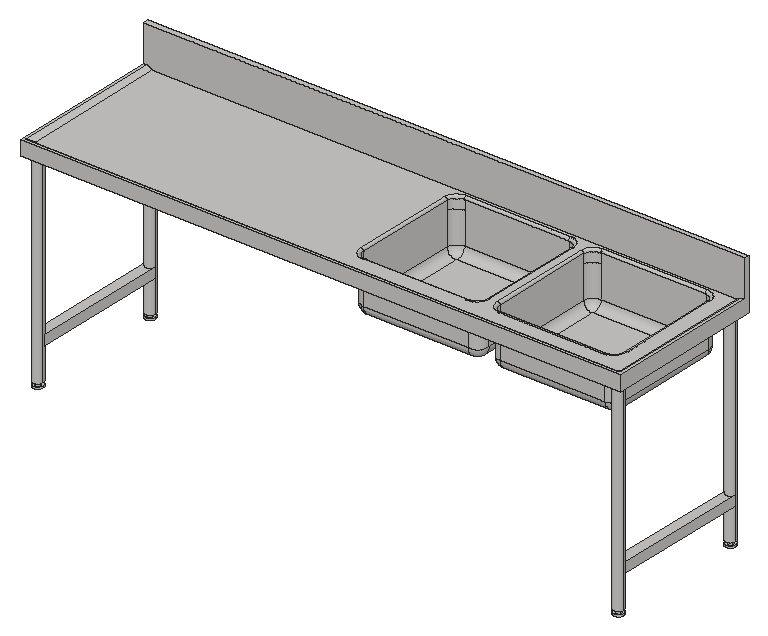
Revit family
Parameters (values of type "2440 X 650 Bowl Right End")
  Material = Stainless Steel Grade 304
  Depth of Bowl = 230 mm
  Width of Bowl = 505 mm
  Length of Bowl = 505 mm
  Distance of Bowl = 100 mm
  Waste Connection Radius = Waste Connection Diameter / 2  # 20 mm
  Waste Connection Diameter = 40 mm
  WFU = 0
  URL = "http://www.autospec.co.za/browse.php?id=1644179283"
  Product Code = "None"
  OmniClass Title = ""
  OmniClass Number = ""
  Modspec Classification = ""
  Specification = ""
  Location (revit room) = ""
  Bowl Position [instance] = if(Bowl Position End, Distance of Bowl, if(Bowl Position Center, (Length / 2 - Length of Bowl - 25 mm), Distance of Bowl))  # 100 mm
  Description = ""
  Colour = none
  Bowl Position End = yes
  Bowl Position Center = not(Bowl Position End)  # no
  Body Finish = none
  Splashback Height = 150 mm
  Width = 650 mm
  Model = "Catering Sink Double Bowl Right End Series KS2-2440 X 650"
  Manufacturer = "Kwikot"  # constant formula
  Length = 2440 mm
  Height = 1050 mm
  Assembly Code = "E1090300"
Reference planes
  plane 1 "Center (Front/Back)": y = 0
  plane 2 "Bottom": z = 0
  plane 3 "Center (Left/Right)": x = 0
  plane 4 "Left": x = -1220
  plane 5 "Right": x = 1220
  plane 6 "Front": y = -650
  plane 7 "Top": z = 1050
  plane 8: z = 900
  plane 9: z = 840
  plane 10: z = 670
  plane 11: y = -295
  plane 12: x = 867.5
  plane 13: x = 312.5
  plane 14: x = 1120
  plane 15: x = 565
  plane 16: x = 60
  plane 17: x = 615
  plane 18: y = -42.5
  plane 19: y = -547.5
Forms (mm)
  Extrusion 1, solid, material "Stainless Steel Grade 304" <- "Material"
    sketch origin (-1220, -491, 4000) x (0, -1, 0) y (0, 0, 1)
      loop
        line (-491, -3160) -> (159, -3160) -> (159, -3100) -> (-471, -3100) -> (-471, -2950) -> (-491, -2950) -> (-491, -3160)
    from 0 to -2440
  Blend 2, void
    base sketch origin (-779.234, -1524, 900) x (0, -1, 0) y (1, 0, 0)
      loop
        arc (-891, -428.766) -> (-887.464, -427.302) -> (-886, -423.766) r 5
        line (-886, -423.766) -> (-886, 1982.234)
        arc (-886, 1982.234) -> (-887.464, 1985.769) -> (-891, 1987.234) r 5
        line (-891, 1987.234) -> (-1504, 1987.234) -> (-1504, -428.766) -> (-891, -428.766)
    top sketch origin (-779.234, -1524, 900) x (0, -1, 0) y (1, 0, 0)
      loop
        line (-1504, -408.766) -> (-911, -408.766)
        arc (-911, -408.766) -> (-907.464, -407.302) -> (-906, -403.766) r 5
        line (-906, -403.766) -> (-906, 1962.234)
        arc (-906, 1962.234) -> (-907.464, 1965.769) -> (-911, 1967.234) r 5
        line (-911, 1967.234) -> (-1504, 1967.234) -> (-1504, -408.766)
    from 0 to -12
  Extrusion 3, void
    sketch origin (-779.234, -1524, 840) x (0, -1, 0) y (-1, 0, 0)
      loop
        line (-1481.5, -1434.234) -> (-1481.5, -1859.234)
        arc (-1481.5, -1859.234) -> (-1469.784, -1887.518) -> (-1441.5, -1899.234) r 40
        line (-1441.5, -1899.234) -> (-1016.5, -1899.234)
        arc (-1016.5, -1899.234) -> (-988.216, -1887.518) -> (-976.5, -1859.234) r 40
        line (-976.5, -1859.234) -> (-976.5, -1434.234)
        arc (-976.5, -1434.234) -> (-988.216, -1405.949) -> (-1016.5, -1394.234) r 40
        line (-1016.5, -1394.234) -> (-1441.5, -1394.234)
        arc (-1441.5, -1394.234) -> (-1469.784, -1405.949) -> (-1481.5, -1434.234) r 40
      loop
        arc (-1481.5, -1304.234) -> (-1469.784, -1332.518) -> (-1441.5, -1344.234) r 40
        line (-1441.5, -1344.234) -> (-1016.5, -1344.234)
        arc (-1016.5, -1344.234) -> (-988.216, -1332.518) -> (-976.5, -1304.234) r 40
        line (-976.5, -1304.234) -> (-976.5, -879.234)
        arc (-976.5, -879.234) -> (-988.216, -850.949) -> (-1016.5, -839.234) r 40
        line (-1016.5, -839.234) -> (-1441.5, -839.234)
        arc (-1441.5, -839.234) -> (-1469.784, -850.949) -> (-1481.5, -879.234) r 40
        line (-1481.5, -879.234) -> (-1481.5, -1304.234)
    from 0 to -60
  Sweep 4, solid, material "Stainless Steel Grade 304" <- "Material"
    path origin (-779.234, -1524, 900) x (-1, 0, 0) y (0, -1, 0)
      loop
        line (-1394.234, -1441.5) -> (-1394.234, -1016.5)
        arc (-1394.234, -1016.5) -> (-1405.949, -988.216) -> (-1434.234, -976.5) r 40
        line (-1434.234, -976.5) -> (-1859.234, -976.5)
        arc (-1859.234, -976.5) -> (-1887.518, -988.216) -> (-1899.234, -1016.5) r 40
        line (-1899.234, -1016.5) -> (-1899.234, -1441.5)
        arc (-1899.234, -1441.5) -> (-1887.518, -1469.784) -> (-1859.234, -1481.5) r 40
        line (-1859.234, -1481.5) -> (-1434.234, -1481.5)
        arc (-1434.234, -1481.5) -> (-1405.949, -1469.784) -> (-1394.234, -1441.5) r 40
    profile origin (615, -295, 900) x (1, 0, 0) y (0, 0, 1)
      loop
        line (0, -12) -> (-5, -12) -> (-5, -190)
        arc (-5, -190) -> (6.716, -218.284) -> (35, -230) r 40
        line (35, -230) -> (35, -225)
        arc (35, -225) -> (10.251, -214.749) -> (0, -190) r 35
        line (0, -190) -> (0, -12)
  Sweep 5, solid, material "Stainless Steel Grade 304" <- "Material"
    path origin (-779.234, -1524, 900) x (-1, 0, 0) y (0, -1, 0)
      loop
        line (-839.234, -1441.5) -> (-839.234, -1016.5)
        arc (-839.234, -1016.5) -> (-850.949, -988.216) -> (-879.234, -976.5) r 40
        line (-879.234, -976.5) -> (-1304.234, -976.5)
        arc (-1304.234, -976.5) -> (-1332.518, -988.216) -> (-1344.234, -1016.5) r 40
        line (-1344.234, -1016.5) -> (-1344.234, -1441.5)
        arc (-1344.234, -1441.5) -> (-1332.518, -1469.784) -> (-1304.234, -1481.5) r 40
        line (-1304.234, -1481.5) -> (-879.234, -1481.5)
        arc (-879.234, -1481.5) -> (-850.949, -1469.784) -> (-839.234, -1441.5) r 40
    profile origin (60, -295, 900) x (1, 0, 0) y (0, 0, 1)
      loop
        line (0, -12) -> (-5, -12) -> (-5, -190)
        arc (-5, -190) -> (6.716, -218.284) -> (35, -230) r 40
        line (35, -230) -> (35, -225)
        arc (35, -225) -> (10.251, -214.749) -> (0, -190) r 35
        line (0, -190) -> (0, -12)
  Extrusion 6, solid, material "Stainless Steel Grade 304" <- "Material"
    sketch origin (-779.234, -1524, 670) x (-1, 0, 0) y (0, -1, 0)
      loop
        arc (-874.234, -1016.5) -> (-875.698, -1012.964) -> (-879.234, -1011.5) r 5
        line (-879.234, -1011.5) -> (-1304.234, -1011.5)
        arc (-1304.234, -1011.5) -> (-1307.769, -1012.964) -> (-1309.234, -1016.5) r 5
        line (-1309.234, -1016.5) -> (-1309.234, -1441.5)
        arc (-1309.234, -1441.5) -> (-1307.769, -1445.036) -> (-1304.234, -1446.5) r 5
        line (-1304.234, -1446.5) -> (-879.234, -1446.5)
        arc (-879.234, -1446.5) -> (-875.698, -1445.036) -> (-874.234, -1441.5) r 5
        line (-874.234, -1441.5) -> (-874.234, -1016.5)
      loop
        circle (-1091.734, -1229) r 26
    from 0 to 5
  Extrusion 7, solid, material "Stainless Steel Grade 304" <- "Material"
    sketch origin (-779.234, -1524, 670) x (-1, 0, 0) y (0, -1, 0)
      loop
        arc (-1429.234, -1016.5) -> (-1430.698, -1012.964) -> (-1434.234, -1011.5) r 5
        line (-1434.234, -1011.5) -> (-1859.234, -1011.5)
        arc (-1859.234, -1011.5) -> (-1862.769, -1012.964) -> (-1864.234, -1016.5) r 5
        line (-1864.234, -1016.5) -> (-1864.234, -1441.5)
        arc (-1864.234, -1441.5) -> (-1862.769, -1445.036) -> (-1859.234, -1446.5) r 5
        line (-1859.234, -1446.5) -> (-1434.234, -1446.5)
        arc (-1434.234, -1446.5) -> (-1430.698, -1445.036) -> (-1429.234, -1441.5) r 5
        line (-1429.234, -1441.5) -> (-1429.234, -1016.5)
      loop
        circle (-1646.734, -1229) r 26
    from 0 to 5
  Blend 8, solid, material "Stainless Steel Grade 304" <- "Material"
    base sketch origin (-779.234, -1524, 670) x (-1, 0, 0) y (0, -1, 0)
      loop
        circle (-1091.734, -1229) r 26
    top sketch origin (-779.234, -1524, 670) x (-1, 0, 0) y (0, -1, 0)
      loop
        circle (-1091.734, -1229) r 20
    from 0 to -5
  Blend 9, solid, material "Stainless Steel Grade 304" <- "Material"
    base sketch origin (-779.234, -1524, 670) x (-1, 0, 0) y (0, -1, 0)
      loop
        circle (-1646.734, -1229) r 26
    top sketch origin (-779.234, -1524, 670) x (-1, 0, 0) y (0, -1, 0)
      loop
        circle (-1646.734, -1229) r 20
    from 0 to -5
  Sweep 10, void
    path origin (-779.234, -1524, 900) x (-1, 0, 0) y (0, -1, 0)
      loop
        line (-839.234, -1441.5) -> (-839.234, -1016.5)
        arc (-839.234, -1016.5) -> (-850.949, -988.216) -> (-879.234, -976.5) r 40
        line (-879.234, -976.5) -> (-1304.234, -976.5)
        arc (-1304.234, -976.5) -> (-1332.518, -988.216) -> (-1344.234, -1016.5) r 40
        line (-1344.234, -1016.5) -> (-1344.234, -1441.5)
        arc (-1344.234, -1441.5) -> (-1332.518, -1469.784) -> (-1304.234, -1481.5) r 40
        line (-1304.234, -1481.5) -> (-879.234, -1481.5)
        arc (-879.234, -1481.5) -> (-850.949, -1469.784) -> (-839.234, -1441.5) r 40
    profile origin (60, -295, 900) x (1, 0, 0) y (0, 0, 1)
      loop
        line (0, -12) -> (-10, -12)
        arc (-10, -12) -> (-2.929, -14.929) -> (0, -22) r 10
        line (0, -22) -> (0, -12)
  Sweep 11, void
    path origin (-779.234, -1524, 900) x (-1, 0, 0) y (0, -1, 0)
      loop
        line (-1394.234, -1441.5) -> (-1394.234, -1016.5)
        arc (-1394.234, -1016.5) -> (-1405.949, -988.216) -> (-1434.234, -976.5) r 40
        line (-1434.234, -976.5) -> (-1859.234, -976.5)
        arc (-1859.234, -976.5) -> (-1887.518, -988.216) -> (-1899.234, -1016.5) r 40
        line (-1899.234, -1016.5) -> (-1899.234, -1441.5)
        arc (-1899.234, -1441.5) -> (-1887.518, -1469.784) -> (-1859.234, -1481.5) r 40
        line (-1859.234, -1481.5) -> (-1434.234, -1481.5)
        arc (-1434.234, -1481.5) -> (-1405.949, -1469.784) -> (-1394.234, -1441.5) r 40
    profile origin (615, -295, 900) x (1, 0, 0) y (0, 0, 1)
      loop
        line (0, -12) -> (-10, -12)
        arc (-10, -12) -> (-2.929, -14.929) -> (0, -22) r 10
        line (0, -22) -> (0, -12)
  Extrusion 12, solid, material "Stainless Steel Grade 304" <- "Material"
    sketch origin (0, 0, 0) x (1, 0, 0) y (0, 1, 0)
      loop
        circle (-1180, -610) r 21
      loop
        circle (-1180, -40) r 21
      loop
        circle (1180, -610) r 21
      loop
        circle (1180, -40) r 21
    from 0 to 5
  Extrusion 13, solid, material "Stainless Steel Grade 304" <- "Material"
    sketch origin (0, 0, 0) x (1, 0, 0) y (0, 1, 0)
      loop
        circle (1180, -610) r 10
      loop
        circle (1180, -40) r 10
      loop
        circle (-1180, -40) r 10
      loop
        circle (-1180, -610) r 10
    from 5 to 20
  Extrusion 14, solid, material "Stainless Steel Grade 304" <- "Material"
    sketch origin (-779.234, -1524, 840) x (-1, 0, 0) y (0, -1, 0)
      loop
        circle (400.766, -914) r 21
      loop
        circle (400.766, -1484) r 21
      loop
        circle (-1959.234, -1484) r 21
      loop
        circle (-1959.234, -914) r 21
    from 0 to -820
  Extrusion 15, solid, material "Stainless Steel Grade 304" <- "Material"
    sketch origin (0, 0, 0) x (1, 0, 0) y (0, 1, 0)
      loop
        line (-1159, -610) -> (-1159, -40)
        arc (-1159, -40) -> (-1180, -61) -> (-1201, -40) r 21
        line (-1201, -40) -> (-1201, -610)
        arc (-1201, -610) -> (-1180, -589) -> (-1159, -610) r 21
      loop
        line (1159, -40) -> (1159, -610)
        arc (1159, -610) -> (1180, -589) -> (1201, -610) r 21
        line (1201, -610) -> (1201, -40)
        arc (1201, -40) -> (1180, -61) -> (1159, -40) r 21
    from 150 to 190
Cuts and joins
  Blend 2, Extrusion 3, Sweep 10, Sweep 11 cuts Extrusion 1
  Sweep 10, Sweep 11 cuts Sweep 4
  Sweep 10, Sweep 11 cuts Sweep 5
  Sweep 10, Sweep 11 cuts Extrusion 6
  Sweep 10, Sweep 11 cuts Extrusion 7
  joined: Extrusion 1, Sweep 4, Sweep 5, Extrusion 6, Extrusion 7, Blend 8, Blend 9
Lines and regions (mm)
  symbolic lines
    curve 1: line (-1220, 0, 750) -> (-1220, -650, 750)
    curve 2: line (1220, 0, 750) -> (-1220, 0, 750)
    curve 3: line (1220, -650, 750) -> (1220, 0, 750)
    curve 4: line (-1220, -650, 750) -> (1220, -650, 750)
    curve 5: line (-1220, -20, 750) -> (1220, -20, 750)
    curve 6: line (-1208, -633, 1050) -> (-1208, -20, 1050)
    curve 7: arc (-1203, -638, 1050) -> (-1206.536, -636.536, 1050) -> (-1208, -633, 1050) r 5
    curve 8: line (1203, -638, 1050) -> (-1203, -638, 1050)
    curve 9: line (-1188, -20, 1050) -> (-1188, -613, 1050)
    curve 10: arc (-1188, -613, 1050) -> (-1186.536, -616.536, 1050) -> (-1183, -618, 1050) r 5
    curve 11: line (-1183, -618, 1050) -> (1183, -618, 1050)
    curve 12: arc (1183, -618, 1050) -> (1186.536, -616.536, 1050) -> (1188, -613, 1050) r 5
    curve 13: line (1188, -613, 1050) -> (1188, -20, 1050)
    curve 14: arc (1208, -633, 1050) -> (1206.536, -636.536, 1050) -> (1203, -638, 1050) r 5
    curve 15: line (1208, -20, 1050) -> (1208, -633, 1050)
    curve 16: line (1080, -547.5, 1050) -> (655, -547.5, 1050)
    curve 17: arc (655, -547.5, 1050) -> (626.716, -535.784, 1050) -> (615, -507.5, 1050) r 40
    curve 18: line (615, -507.5, 1050) -> (615, -82.5, 1050)
    curve 19: arc (615, -82.5, 1050) -> (626.716, -54.216, 1050) -> (655, -42.5, 1050) r 40
    curve 20: line (655, -42.5, 1050) -> (1080, -42.5, 1050)
    curve 21: arc (1080, -42.5, 1050) -> (1108.284, -54.216, 1050) -> (1120, -82.5, 1050) r 40
    curve 22: line (1120, -82.5, 1050) -> (1120, -507.5, 1050)
    curve 23: arc (1120, -507.5, 1050) -> (1108.284, -535.784, 1050) -> (1080, -547.5, 1050) r 40
    curve 24: line (60, -82.5, 1050) -> (60, -507.5, 1050)
    curve 25: arc (60, -82.5, 1050) -> (71.716, -54.216, 1050) -> (100, -42.5, 1050) r 40
    curve 26: line (525, -42.5, 1050) -> (100, -42.5, 1050)
    curve 27: arc (525, -42.5, 1050) -> (553.284, -54.216, 1050) -> (565, -82.5, 1050) r 40
    curve 28: line (565, -507.5, 1050) -> (565, -82.5, 1050)
    curve 31: arc (565, -507.5, 1050) -> (553.284, -535.784, 1050) -> (525, -547.5, 1050) r 40
    curve 32: line (100, -547.5, 1050) -> (525, -547.5, 1050)
    curve 33: arc (100, -547.5, 1050) -> (71.716, -535.784, 1050) -> (60, -507.5, 1050) r 40
  symbolic lines, detail levels fine
    curve 29: arc (286.5, -295, 1050) -> (312.5, -269, 1050) -> (338.5, -295, 1050) r 26
    curve 30: arc (338.5, -295, 1050) -> (312.5, -321, 1050) -> (286.5, -295, 1050) r 26
    curve 34: arc (893.5, -295, 1050) -> (867.5, -321, 1050) -> (841.5, -295, 1050) r 26
    curve 35: arc (841.5, -295, 1050) -> (867.5, -269, 1050) -> (893.5, -295, 1050) r 26
Dimensions and locks
  equal spacing: plane 4 "Left", plane 3 "Center (Left/Right)", plane 5 "Right"
  "Length": plane 4 "Left" to plane 5 "Right"
  "Width": plane 1 "Center (Front/Back)" to plane 6 "Front"
  "Height": plane 7 "Top" to level
  "Splashback Height": plane 7 "Top" to plane 8
  Blend 2 sketch curve to plane 6 "Front" = 12 mm
  plane 11 to plane 1 "Center (Front/Back)" = 295 mm
  Blend 2 sketch curve to var sketch = 20 mm  (x2)
  var sketch to Blend 2 sketch curve = 20 mm
  "Depth of Bowl": plane 8 to plane 10
  "Width of Bowl": plane 18 to plane 19
  "Length of Bowl": plane 16 to plane 15
  equal spacing: plane 16, plane 13, plane 15
  "Length of Bowl": plane 17 to plane 14
  equal spacing: plane 17, plane 12, plane 14
  plane 8 to plane 9 = 60 mm
  plane 4 "Left" to Extrusion 12 sketch curve = 40 mm  (x2)
  Extrusion 12 sketch curve to plane 6 "Front" = 40 mm  (x2)
  Extrusion 12 sketch curve to plane 1 "Center (Front/Back)" = 40 mm  (x2)
  Extrusion 12 sketch curve to plane 5 "Right" = 40 mm  (x2)
  Extrusion 13 sketch curve to plane 1 "Center (Front/Back)" = 40 mm  (x2)
  plane 4 "Left" to Extrusion 13 sketch curve = 40 mm  (x2)
  Extrusion 13 sketch curve to plane 6 "Front" = 40 mm  (x2)
  Extrusion 13 sketch curve to plane 5 "Right" = 40 mm  (x2)
  Extrusion 15 to plane 2 "Bottom" = 150 mm
  "Bowl Position": plane 14 to plane 5 "Right"
  plane 15 to plane 17 = 50 mm
  equal spacing: plane 18, plane 11, plane 19
  radius of Extrusion 3 sketch curve = 40 mm  (x8)
  radius of Extrusion 7 sketch curve = 26 mm
  "Waste Connection Radius": radius of Blend 8 sketch curve
  "Waste Connection Radius": radius of Blend 9 sketch curve
  radius of Extrusion 12 sketch curve = 21 mm  (x4)
  radius of Extrusion 13 sketch curve = 10 mm  (x4)
  aligned and locked: level to plane 2 "Bottom"
  aligned and locked: Extrusion 1 sketch curve to plane 9
  aligned and locked: Extrusion 1 sketch curve to plane 1 "Center (Front/Back)"
  aligned and locked: plane 8 to Extrusion 1 sketch curve
  aligned and locked: Extrusion 1 sketch curve to plane 6 "Front"
  aligned and locked: plane 7 "Top" to Extrusion 1 sketch curve
  aligned and locked: plane 4 "Left" to Extrusion 1
  aligned and locked: Extrusion 1 to plane 5 "Right"
  aligned and locked: var sketch to Blend 2 sketch curve
  aligned and locked: plane 8 to Extrusion 3
  aligned and locked: Extrusion 3 to plane 9
  aligned and locked: Sweep 4 sketch curve to cut or joined group 1 (Extrusion 1, Blend 2, Extrusion 3, Sweep 4, Sweep 5, Extrusion 6, Extrusion 7, Blend 8, Blend 9, Sweep 10, Sweep 11)  (x6)
  aligned and locked: curve 7 to cut or joined group 1
  aligned and locked: curve 9 to cut or joined group 1
  aligned and locked: curve 10 to cut or joined group 1
  aligned and locked: curve 12 to cut or joined group 1
  aligned and locked: curve 14 to cut or joined group 1
  aligned and locked: curve 15 to cut or joined group 1
  aligned and locked: curve 17 to cut or joined group 1
  aligned and locked: curve 19 to cut or joined group 1
  aligned and locked: curve 21 to cut or joined group 1
  aligned and locked: curve 23 to cut or joined group 1
  aligned and locked: Sweep 5 sketch curve to cut or joined group 1  (x6)
  aligned and locked: Extrusion 6 sketch curve to cut or joined group 1  (x4)
  aligned and locked: plane 11 to Extrusion 6 sketch curve
  aligned and locked: plane 13 to Extrusion 6 sketch curve
  aligned and locked: Extrusion 7 sketch curve to cut or joined group 1  (x4)
  aligned and locked: plane 11 to Extrusion 7 sketch curve
  aligned and locked: plane 12 to Extrusion 7 sketch curve
  aligned and locked: curve 25 to cut or joined group 1
  aligned and locked: curve 27 to cut or joined group 1
  aligned and locked: curve 29 to cut or joined group 1
  aligned and locked: curve 30 to cut or joined group 1
  aligned and locked: curve 31 to cut or joined group 1
  aligned and locked: curve 33 to cut or joined group 1
  aligned and locked: curve 34 to cut or joined group 1
  aligned and locked: curve 35 to cut or joined group 1
  aligned and locked: Blend 8 sketch curve to cut or joined group 1  (x2)
  aligned and locked: plane 11 to Blend 8 sketch curve
  aligned and locked: plane 13 to Blend 8 sketch curve
  aligned and locked: Blend 9 sketch curve to cut or joined group 1  (x2)
  aligned and locked: plane 11 to Blend 9 sketch curve
  aligned and locked: plane 12 to Blend 9 sketch curve
  aligned and locked: plane 10 to Sweep 5 sketch curve
  aligned and locked: plane 10 to Sweep 4 sketch curve
  aligned and locked: plane 18 to Extrusion 3 sketch curve
  aligned and locked: Extrusion 3 sketch curve to plane 18
  aligned and locked: plane 19 to Extrusion 3 sketch curve
  aligned and locked: Extrusion 3 sketch curve to plane 19
  aligned and locked: plane 16 to Extrusion 3 sketch curve
  aligned and locked: plane 15 to Extrusion 3 sketch curve
  aligned and locked: plane 17 to Extrusion 3 sketch curve
  aligned and locked: plane 14 to Extrusion 3 sketch curve
  aligned and locked: Sweep 10 sketch curve to cut or joined group 1  (x4)
  aligned and locked: profile plane to Sweep 10 sketch curve
  aligned and locked: cut or joined group 1 to Sweep 10 sketch curve
  aligned and locked: Sweep 11 sketch curve to cut or joined group 1  (x4)
  aligned and locked: profile plane to Sweep 11 sketch curve
  aligned and locked: cut or joined group 1 to Sweep 11 sketch curve
  aligned and locked: Extrusion 12 to plane 2 "Bottom"
  aligned and locked: Extrusion 13 to Extrusion 12
  aligned and locked: Extrusion 14 sketch curve to Extrusion 12  (x8)
  aligned and locked: plane 9 to Extrusion 14
  aligned and locked: Extrusion 14 to Extrusion 13
  aligned and locked: Extrusion 15 sketch curve to Extrusion 14  (x4)
Automatic sketch dimensions
  plane 1 "Center (Front/Back)" to Extrusion 1 sketch curve = 20 mm
  Blend 2 sketch curve to Blend 2 sketch curve = 5 mm  (x4)
  plane 1 "Center (Front/Back)" to Blend 2 sketch curve = 20 mm
  Blend 2 sketch curve to plane 4 "Left" = 12 mm
  plane 5 "Right" to Blend 2 sketch curve = 17 mm
  plane 1 "Center (Front/Back)" to curve 3 = 0 mm
  curve 3 to plane 5 "Right" = 0 mm
  curve 4 to plane 4 "Left" = 0 mm
  curve 4 to plane 6 "Front" = 0 mm
  curve 1 to curve 5 = 20 mm
  plane 1 "Center (Front/Back)" to curve 15 = 20 mm
  plane 1 "Center (Front/Back)" to curve 9 = 20 mm
  plane 1 "Center (Front/Back)" to curve 13 = 20 mm
  curve 6 to curve 9 = 0 mm
  Sweep 5 sketch curve to Sweep 5 sketch curve = 0 mm
  profile plane to Sweep 5 sketch curve = 5 mm
  Sweep 5 sketch curve to profile plane = 35 mm
  Sweep 4 sketch curve to Sweep 4 sketch curve = 0 mm
  profile plane to Sweep 4 sketch curve = 5 mm
  Sweep 4 sketch curve to Sweep 4 sketch curve = 35 mm
  Sweep 10 sketch curve to Sweep 10 sketch curve = 10 mm  (x3)
  Sweep 10 sketch curve to Sweep 10 sketch curve = 0 mm
  profile plane to Sweep 10 sketch curve = 0 mm
  Sweep 11 sketch curve to Sweep 11 sketch curve = 10 mm  (x3)
  Sweep 11 sketch curve to Sweep 11 sketch curve = 0 mm
  profile plane to Sweep 11 sketch curve = 0 mm
  radius of Extrusion 6 sketch curve = 26 mm
Connectors
  piping at (312.5, -295, 665), driven by "Waste Connection Radius", driven by "WFU"
    settings: on Blend 8, index 1, connector radius 20 mm, flow factor 0, pipe flow 0.0 L/s, pressure drop 0.0 Pa, fitting loss kfactor 0, connector angle 0.00°, fixture units 0, flow configuration 3, flow direction 2, fitting loss method 0, system type 16, connector reference index -1, connector utility 0, adjustable connector no, is connector primary yes, fitting loss table "", connector description "Waste Connection"
  piping at (867.5, -295, 665), driven by "Waste Connection Radius", driven by "WFU"
    settings: on Blend 9, index 2, connector radius 20 mm, flow factor 0, pipe flow 0.0 L/s, pressure drop 0.0 Pa, fitting loss kfactor 0, connector angle 0.00°, fixture units 0, flow configuration 3, flow direction 2, fitting loss method 0, system type 16, connector reference index -1, connector utility 0, adjustable connector no, is connector primary no, fitting loss table "", connector description "Waste Connection"
